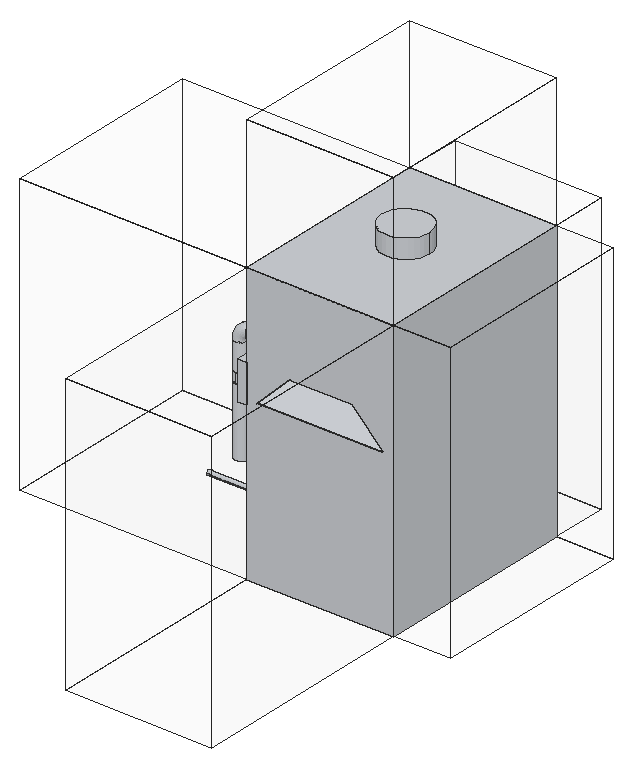
Revit family
Parameters (values of type "CWN090PM")
  void shape length = B_WIDTH - 2"  # 13 1/2"
  gas extrusion length = -1 * E_gas pipe length  # -6 1/4"
  gas conn offset from back = 18 3/4"
  Voltage/Pump = "120"
  OUTPUT RATE (BTUH) = ""
  E_gas pipe length = 6 1/4"
  A_HEIGHT = 29 1/2"
  B_WIDTH = 15 1/2"
  C_DEPTH = 21 1/2"
  DRAIN SIZE = 3/4"
  GAS CONN SIZE = gas conn radius * 2  # 1/2"
  VENT SIZE = vent radius * 2  # 5"
  WATER IN CONN SIZE = water inlet radius * 2  # 1 1/2"
  WATER OUT CONN SIZE = water outlet radius * 2  # 2"
  SES BIM Studio # = "201264901-30"
  HEAD LOSS MIN/MAX (Ft. of Hd.) = ""
  Voltage/Heater = "120"
  Voltage/Control = "24"
  URL = "http://www.lochinvar.com/products/Default.aspx?type=ProductLine&lineid=21"
  Total Amps w/Pump = "6.1"
  Model = "CWN090PM"
  Manufacturer = "Lochinvar"
  MODEL NO. = "CWN090PM"
  GALLON CAPACITY = ".8"
  INPUT RATE (BTUH) = "90,000"
  FUEL TYPE = "NATURAL GAS"
  Description = "Copper-Fin Water Heater"
  Fuel Type = "Natural or LP"
  water conn height = 17"
  vent offset from back = 10 1/4"
  D_vent offset from right side = 7 3/4"
  gas conn offset from bottom = 6 3/4"
  front clearance = 24"
  gas conn radius = 1/4"
  left side clearance = 24"
  back clearance = 6"
  right side clearance = 6"
  top clearance = 14"
  vent radius = 2 1/2"
  water inlet radius = 3/4"
  water outlet radius = 1"
  # of Electrical Connections = "1"
Types (11): name | void shape length | gas extrusion length | E_gas pipe length | A_HEIGHT | B_WIDTH | C_DEPTH | GAS CONN SIZE | VENT SIZE | Model | MODEL NO. | GALLON CAPACITY | INPUT RATE (BTUH) | D_vent offset from right side | gas conn radius | top clearance | vent radius
  (no name) | 13 1/2" | -6 1/4" | 6 1/4" | 29 1/2" | 15 1/2" | 21 1/2" | 1/2" | 5" | "CWN090PM" | "CWN090PM" | ".8" | "90,000" | 7 3/4" | 1/4" | 14" | 2 1/2"
  CWN090PM | 13 1/2" | -6 1/4" | 6 1/4" | 29 1/2" | 15 1/2" | 21 1/2" | 1/2" | 5" | "CWN090PM" | "CWN090PM" | ".8" | "90,000" | 7 3/4" | 1/4" | 14" | 2 1/2"
  CWN135PM | 17 1/2" | -6 1/4" | 6 1/4" | 29 1/2" | 19 1/2" | 21 1/2" | 1/2" | 6" | "CWN135PM" | "CWN135PM" | ".8" | "135,000" | 9 3/4" | 1/4" | 14" | 3"
  CWN180PM | 21 1/2" | -7 1/4" | 7 1/4" | 29 1/2" | 23 1/2" | 21 1/2" | 3/4" | 7" | "CWN180PM" | "CWN180PM" | ".9" | "180,000" | 11 3/4" | 3/8" | 14" | 3 1/2"
  CWN199PM | 24 1/2" | -7 1/4" | 7 1/4" | 29 1/2" | 26 1/2" | 21 1/2" | 3/4" | 7" | "CWN199PM" | "CWN199PM" | ".9" | "199,999" | 13 1/4" | 3/8" | 29" | 3 1/2"
  CWN225PM | 24 1/2" | -7 1/4" | 7 1/4" | 29 1/2" | 26 1/2" | 21 1/2" | 3/4" | 7" | "CWN225PM" | "CWN225PM" | ".9" | "225,000" | 13 1/4" | 3/8" | 29" | 3 1/2"
  CWN270PM | 27 1/2" | -7 1/4" | 7 1/4" | 29 1/2" | 29 1/2" | 21 1/2" | 3/4" | 8" | "CWN270PM" | "CWN270PM" | "1.0" | "270,000" | 14 3/4" | 3/8" | 29" | 4"
  CWN315PM | 30 1/2" | -6 1/4" | 6 1/4" | 29 1/2" | 32 1/2" | 21 1/2" | 3/4" | 8" | "CWN315PM" | "CWN315PM" | "1.0" | "315,000" | 16 1/4" | 3/8" | 29" | 4"
  CWN360PM | 33 1/2" | -8 1/4" | 8 1/4" | 29 1/2" | 35 1/2" | 21 1/2" | 1" | 9" | "CWN360PM" | "CWN360PM" | "1.0" | "360,000" | 17 3/4" | 1/2" | 29" | 4 1/2"
  CWN399PM | 42 1/2" | -5 1/2" | 5 1/2" | 29 1/2" | 44 1/2" | 22" | 1" | 10" | "CWN399PM" | "CWN399PM" | "1.1" | "399,999" | 22 1/4" | 1/2" | 29" | 5"
  CWN500PM | 50 1/2" | -9 1/2" | 9 1/2" | 34 1/2" | 52 1/2" | 22" | 1" | 10" | "CWN500PM" | "CWN500PM" | "1.2" | "500,000" | 26 1/4" | 1/2" | 29" | 5"
Reference planes (in)
  plane 1 "Center (Front/Back)": y = 2.33546
  plane 2: z = 0
  plane 3 "Center (Left/Right)": x = 0
  plane 4 "Rear Plane": y = 13.08546
  plane 5 "Front Plane": y = -8.41454
  plane 6 "Left Side Plane": x = -7.75
  plane 7 "Right Side Plane": x = 7.75
  plane 8 "Top Plane": z = 29.5
  plane 9 "Vent Offset from Rear": y = 2.83546
  plane 10 "Water Conn offset from bottom": z = 17
  plane 11 "Water conn offset from back": y = 7.08546
  plane 12 "Water conn center to center": y = 0.83546
  plane 13 "Gas conn offset from botton": z = 6.75
  plane 14 "Gas conn offset from back": y = -5.66454
  plane 15 "Vent Conn offset from back": y = 2.83546
  plane 16 "Vent conn offset from right side": x = 0
  plane 17 "air inlet offset from top": z = 28.5
  plane 18: x = 7.125
  plane 19 "air inlet bottom plane": z = 20.5
  plane 20 "front clearance": y = -32.41454
  plane 21 "left side clearance": x = -31.75
  plane 22 "right side clearance": x = 13.75
  plane 23: y = 19.08546
  plane 24: z = 43.5
  plane 25 "Void Shape": x = -6.75
  plane 26 "inlet centerline": x = -15.75
  plane 27 "inlet tank": y = 2.58546
Forms (in)
  Extrusion 1, solid
    sketch origin (0, 0, 0) x (1, 0, 0) y (0, 1, 0)
      loop
        line (-7.75, 13.08546) -> (-7.75, -8.41454) -> (7.75, -8.41454) -> (7.75, 13.08546) -> (-7.75, 13.08546)
    from 0 to 29.5
  Extrusion 2, solid
    sketch origin (-7.75, 9.75, 0) x (0, 1, 0) y (0, 0, 1)
      loop
        circle (-15.41454, 6.75) r 0.25
    from 0 to -6.25 <- "gas extrusion length"
  Extrusion 3, solid
    sketch origin (0, 0, 29.5) x (-1, 0, 0) y (0, -1, 0)
      loop
        circle (0, -2.83546) r 2.5
    from 0 to 2
  Extrusion 4, solid, material "Clearance"
    sketch origin (0, 0, 0) x (1, 0, 0) y (0, 1, 0)
      loop
        line (-7.75, -8.41454) -> (-7.75, -32.41454) -> (7.75, -32.41454) -> (7.75, -8.41454) -> (-7.75, -8.41454)
    from 0 to 29.5 <- "A_HEIGHT"
  Extrusion 5, solid, material "Clearance"
    sketch origin (0, 0, 0) x (1, 0, 0) y (0, 1, 0)
      loop
        line (-7.75, 13.08546) -> (-31.75, 13.08546) -> (-31.75, -8.41454) -> (-7.75, -8.41454) -> (-7.75, 13.08546)
    from 0 to 29.5 <- "A_HEIGHT"
  Extrusion 6, solid, material "Clearance"
    sketch origin (0, 0, 0) x (1, 0, 0) y (0, 1, 0)
      loop
        line (7.75, 13.08546) -> (7.75, -8.41454) -> (13.75, -8.41454) -> (13.75, 13.08546) -> (7.75, 13.08546)
    from 0 to 29.5 <- "A_HEIGHT"
  Extrusion 7, solid, material "Clearance"
    sketch origin (0, 0, 0) x (1, 0, 0) y (0, 1, 0)
      loop
        line (-7.75, 13.08546) -> (7.75, 13.08546) -> (7.75, 19.08546) -> (-7.75, 19.08546) -> (-7.75, 13.08546)
    from 0 to 29.5 <- "A_HEIGHT"
  Extrusion 8, solid, material "Clearance"
    sketch origin (0, 0, 29.5) x (-1, 0, 0) y (0, -1, 0)
      loop
        line (7.75, -13.08546) -> (7.75, 8.41454) -> (-7.75, 8.41454) -> (-7.75, -13.08546) -> (7.75, -13.08546)
    from 0 to 14
  Extrusion 9, void
    sketch origin (-6.75, 0, 0) x (0, 1, 0) y (0, 0, 1)
      loop
        line (-8.28954, 20.5) -> (-8.28954, 16.9998) -> (-4.78934, 20.5) -> (-8.28954, 20.5)
    from 0 to 13.5 <- "void shape length"
  Extrusion 10, void
    sketch origin (0, -8.41454, 0) x (1, 0, 0) y (0, 0, 1)
      loop
        line (-6.75, 17) -> (6.75, 17) -> (3.25, 20.5) -> (-3.25, 20.5) -> (-6.75, 17)
    from 0 to -0.125
  Extrusion 11, solid
    sketch origin (-7.75, 1.98624, 1.17359) x (0, 1, 0) y (0, 0, 1)
      loop
        line (7.09922, 17.07641) -> (-3.90078, 17.07641) -> (-3.90078, 14.57641) -> (7.09922, 14.57641) -> (7.09922, 17.07641)
    from 0 to -2
  Extrusion 12, solid
    sketch origin (-7.75, 9.08546, 18.25) x (0, -1, 0) y (1, 0, 0)
      loop
        circle (3, -1) r 1
      loop
        circle (9.25, -1) r 0.75
    from 0 to 0.125
  Extrusion 13, solid
    sketch origin (-7.75, 0, 0) x (0, 1, 0) y (0, 0, 1)
      loop
        line (-4.41454, 20.50945) -> (-8.41454, 20.50945) -> (-8.41454, 16.49382) -> (-4.41454, 16.49382) -> (-4.41454, 20.50945)
    from 0 to -1
  Extrusion 14, solid
    sketch origin (-9.75, 1.98624, 1.17359) x (0, -1, 0) y (0, 0, 1)
      loop
        circle (-5.09922, 15.82641) r 1
    from 0 to 0.125
  Sweep 15, solid
    path origin (0, 0.83546, 0) x (1, 0, 0) y (0, 0, 1)
      loop
        line (-9.75, 17) -> (-14.75, 17)
        arc (-14.75, 17) -> (-15.45711, 16.70711) -> (-15.75, 16) r 1
        line (-15.75, 16) -> (-15.75, 4.75)
    profile origin (-12.25, 0.83546, 17) x (0, 0, -1) y (0, -1, 0)
      loop
        circle (0, 0) r 0.75
  Sweep 16, solid
    path origin (-15.75, 0, 0) x (0, 1, 0) y (0, 0, 1)
      loop
        line (4.83546, 9) -> (3.83546, 9)
        arc (3.83546, 9) -> (1.71414, 9.87868) -> (0.83546, 12) r 3
        line (0.83546, 12) -> (0.83546, 13)
    profile origin (-15.75, 4.33546, 9) x (0, 0, 1) y (1, 0, 0)
      loop
        circle (0, 0) r 0.75
  Extrusion 17, solid
    sketch origin (0, 2.58546, 0) x (1, 0, 0) y (0, 0, 1)
      loop
        circle (-15.75, 9) r 1.75
    from 0 to -6
Cuts and joins
  Extrusion 9, Extrusion 10 cuts Extrusion 1
  Extrusion 10 cuts Extrusion 4
Text (in)
  text "LEFT" at (-60.0409, 11.34615, 0), in view "Ref. Level"
  text "RIGHT" at (95.9591, 11.34615, 0), in view "Ref. Level"
  text "FRONT" at (3.05477, -68.89429, 0), in view "Ref. Level"
  text "BACK" at (3.05477, 70.10571, 0), in view "Ref. Level"
Dimensions and locks (in)
  equal spacing: plane 5 "Front Plane", plane 1 "Center (Front/Back)", plane 4 "Rear Plane"
  "C_DEPTH": plane 5 "Front Plane" to plane 4 "Rear Plane"
  equal spacing: plane 6 "Left Side Plane", plane 3 "Center (Left/Right)", plane 7 "Right Side Plane"
  "B_WIDTH": plane 6 "Left Side Plane" to plane 7 "Right Side Plane"
  "A_HEIGHT": plane 8 "Top Plane" to plane 2
  "water conn height": plane 10 "Water Conn offset from bottom" to level
  plane 4 "Rear Plane" to plane 11 "Water conn offset from back" = 6"
  locked: plane 11 "Water conn offset from back" to plane 12 "Water conn center to center" at 6.25
  "gas conn offset from bottom": plane 13 "Gas conn offset from botton" to level
  "gas conn offset from back": plane 4 "Rear Plane" to plane 14 "Gas conn offset from back"
  "vent offset from back": plane 15 "Vent Conn offset from back" to plane 4 "Rear Plane"
  "D_vent offset from right side": plane 16 "Vent conn offset from right side" to plane 7 "Right Side Plane"
  plane 17 "air inlet offset from top" to plane 8 "Top Plane" = 1"
  plane 19 "air inlet bottom plane" to plane 17 "air inlet offset from top" = 8"
  "front clearance": plane 20 "front clearance" to plane 5 "Front Plane"
  "left side clearance": plane 21 "left side clearance" to plane 6 "Left Side Plane"
  "right side clearance": plane 7 "Right Side Plane" to plane 22 "right side clearance"
  "back clearance": plane 4 "Rear Plane" to plane 23
  "top clearance": plane 24 to plane 8 "Top Plane"
  "void shape length": Extrusion 10 sketch curve to Extrusion 10 sketch curve
  locked: plane 6 "Left Side Plane" to plane 25 "Void Shape" at 1
  locked: Extrusion 10 sketch curve to Extrusion 10 sketch curve at 3.5
  locked: Extrusion 9 sketch curve to Extrusion 9 sketch curve at 3.5002
  locked: Extrusion 8 to Extrusion 2 sketch curve at 18.75
  Extrusion 9 sketch curve to Extrusion 9 sketch curve = 3.5002"
  locked: Extrusion 11 sketch curve to Extrusion 11 sketch curve at 11
  locked: Extrusion 11 sketch curve to Extrusion 11 sketch curve at 2.5
  locked: plane 4 "Rear Plane" to Extrusion 11 at 4
  locked: Extrusion 12 sketch curve to plane 4 "Rear Plane" at 7
  locked: Extrusion 12 sketch curve to plane 6 "Left Side Plane" at 1  (x2)
  locked: Extrusion 12 sketch curve to Extrusion 12 sketch curve at 6.25
  locked: Extrusion 11 to level at 18.25
  Extrusion 3 sketch curve to plane 4 "Rear Plane" = 10 1/4"
  locked: Sweep 15 sketch curve to plane 2 at 4.75
  locked: plane 26 "inlet centerline" to plane 6 "Left Side Plane" at 8
  locked: Extrusion 17 sketch curve to Extrusion 8 at 8
  locked: Extrusion 13 to Extrusion 13 at 4.01563
  locked: Extrusion 13 to level at 16.49382
  "gas conn radius": radius of Extrusion 2 sketch curve
  "vent radius": radius of Extrusion 3 sketch curve
  "water outlet radius": radius of Extrusion 12 sketch curve
  "water outlet radius": radius of Extrusion 14 sketch curve
  "water inlet radius": radius of Sweep 16 sketch curve
  aligned and locked: plane 8 "Top Plane" to Extrusion 1
  aligned and locked: plane 7 "Right Side Plane" to Extrusion 1
  aligned and locked: Extrusion 1 to plane 6 "Left Side Plane"
  aligned and locked: plane 9 "Vent Offset from Rear" to plane 15 "Vent Conn offset from back"
  aligned and locked: plane 24 to Extrusion 8
  aligned and locked: Extrusion 11 to Sweep 15
Automatic sketch dimensions
  plane 5 "Front Plane" to Extrusion 1 sketch curve = 0"
  Extrusion 1 sketch curve to plane 6 "Left Side Plane" = 0"
  plane 4 "Rear Plane" to Extrusion 1 sketch curve = 0"
  Extrusion 1 sketch curve to plane 7 "Right Side Plane" = 0"
  Extrusion 2 sketch curve to plane 13 "Gas conn offset from botton" = 0"
  Extrusion 4 sketch curve to plane 6 "Left Side Plane" = 0"
  Extrusion 4 sketch curve to plane 7 "Right Side Plane" = 0"
  plane 20 "front clearance" to Extrusion 4 sketch curve = 0"
  plane 5 "Front Plane" to Extrusion 4 sketch curve = 0"
  plane 4 "Rear Plane" to Extrusion 5 sketch curve = 0"
  Extrusion 5 sketch curve to plane 21 "left side clearance" = 0"
  Extrusion 5 sketch curve to plane 6 "Left Side Plane" = 0"
  plane 5 "Front Plane" to Extrusion 5 sketch curve = 0"
  plane 5 "Front Plane" to Extrusion 6 sketch curve = 0"
  Extrusion 6 sketch curve to plane 7 "Right Side Plane" = 0"
  plane 4 "Rear Plane" to Extrusion 6 sketch curve = 0"
  Extrusion 6 sketch curve to plane 22 "right side clearance" = 0"
  Extrusion 7 sketch curve to plane 6 "Left Side Plane" = 0"
  Extrusion 7 sketch curve to plane 7 "Right Side Plane" = 0"
  plane 4 "Rear Plane" to Extrusion 7 sketch curve = 0"
  plane 23 to Extrusion 7 sketch curve = 0"
  Extrusion 8 sketch curve to plane 7 "Right Side Plane" = 0"
  Extrusion 8 sketch curve to plane 6 "Left Side Plane" = 0"
  plane 5 "Front Plane" to Extrusion 8 sketch curve = 0"
  plane 4 "Rear Plane" to Extrusion 8 sketch curve = 0"
  plane 10 "Water Conn offset from bottom" to Extrusion 10 sketch curve = 0"
  Extrusion 10 sketch curve to plane 25 "Void Shape" = 0"
  plane 25 "Void Shape" to Extrusion 10 sketch curve = 3 1/2"
  Extrusion 10 sketch curve to plane 7 "Right Side Plane" = 4 1/2"
  Extrusion 9 sketch curve to plane 5 "Front Plane" = 1/8"
  Extrusion 9 sketch curve to plane 10 "Water Conn offset from bottom" = 0.0002"
  plane 12 "Water conn center to center" to Extrusion 11 sketch curve = 2 3/4"
  Extrusion 11 sketch curve to plane 10 "Water Conn offset from bottom" = 1 1/4"
  Extrusion 3 sketch curve to plane 3 "Center (Left/Right)" = 0"
  Extrusion 14 sketch curve to Extrusion 11 = 1 1/4"
  Extrusion 14 sketch curve to Extrusion 11 = 2"
  Sweep 15 sketch curve to plane 12 "Water conn center to center" = 0"
  Sweep 15 sketch curve to profile plane = 0"
  plane 19 "air inlet bottom plane" to Extrusion 13 sketch curve = 0.00945"
  Extrusion 13 sketch curve to plane 5 "Front Plane" = 0"
  Sweep 15 sketch curve to plane 10 "Water Conn offset from bottom" = 0"
  Sweep 15 sketch curve to plane 10 "Water Conn offset from bottom" = 1"
  Sweep 15 sketch curve to plane 6 "Left Side Plane" = 8"
  Sweep 15 sketch curve to Sweep 15 sketch curve = 0"
  Sweep 15 sketch curve to plane 6 "Left Side Plane" = 2"
  Sweep 16 sketch curve to plane 12 "Water conn center to center" = 0"
  Sweep 16 sketch curve to plane 9 "Vent Offset from Rear" = 1"
  Sweep 16 sketch curve to Sweep 16 sketch curve = 1"  (x2)
  plane 13 "Gas conn offset from botton" to Sweep 16 sketch curve = 2 1/4"
  Sweep 16 sketch curve to plane 26 "inlet centerline" = 0"
  Sweep 16 sketch curve to profile plane = 0"
  plane 13 "Gas conn offset from botton" to Extrusion 17 sketch curve = 2 1/4"
  Extrusion 13 sketch curve to plane 14 "Gas conn offset from back" = 1 1/4"
  Extrusion 13 sketch curve to plane 10 "Water Conn offset from bottom" = 0.50618"
  radius of Extrusion 12 sketch curve = 3/4"
  radius of Sweep 15 sketch curve = 3/4"
  radius of Extrusion 17 sketch curve = 1 3/4"
Connectors (in)
  piping at (-14, -5.66454, 6.75), driven by "gas conn radius"
    settings: on Extrusion 2, index 3, connector radius 1/4", flow factor 0, pipe flow 0 GPM, pressure drop 0.00 psi, fitting loss kfactor 0, connector angle 0.00°, fixture units 0, flow configuration 0, flow direction 1, fitting loss method 0, system type 22, connector reference index -1, connector utility 0, adjustable connector no, is connector primary yes, fitting loss table "", connector description "Gas Conn Fitting"
  hvac at (0, 2.83546, 31.5), driven by "vent radius"
    settings: on Extrusion 3, index 4, duct flow 0 CFM, flow factor 0, pres drop 0.00 in-wg, loss coef 0, conn angle 0.00°, conn width 12", conn height 12", conn radius 2 1/2", duct sys type 3, conn prof type 0, flow config 0, flow direction 2, loss method 0, conn ref index -1, conn util no, is conn primary yes, conn desc "Vent Conn"
  electrical at (-8.25, -8.41454, 18.50163)
    settings: on Extrusion 13, index 5, voltage 0 V, apparent load 0 VA, apparent load phase1 0 VA, apparent load phase2 0 VA, apparent load phase3 0 VA, power factor 1, load classification "Other", number of poles 1, system type 30, power factor state 1, is connector primary yes, connector utility no, sub classification motor no, connector description "Electrical Conn"
  piping at (-9.875, 7.08546, 17), driven by "water outlet radius"
    settings: on Extrusion 14, index 6, connector radius 1", flow factor 0, pipe flow 0 GPM, pressure drop 0.00 psi, fitting loss kfactor 0, connector angle 0.00°, fixture units 0, flow configuration 0, flow direction 2, fitting loss method 0, system type 7, connector reference index -1, connector utility 0, adjustable connector no, is connector primary no, fitting loss table "", connector description "Water Outlet"
  piping at (-15.75, 0.83546, 4.75), driven by "water inlet radius"
    settings: on Sweep 15, index 7, connector radius 3/4", flow factor 0, pipe flow 0 GPM, pressure drop 0.00 psi, fitting loss kfactor 0, connector angle 0.00°, fixture units 0, flow configuration 0, flow direction 1, fitting loss method 0, system type 8, connector reference index -1, connector utility 0, adjustable connector no, is connector primary no, fitting loss table "", connector description "Water Inlet"
